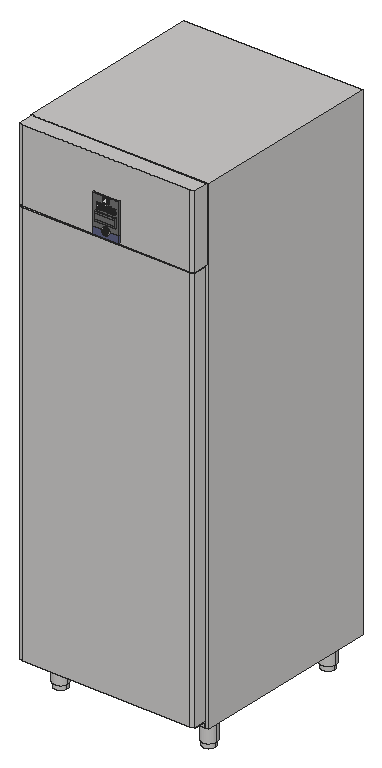
Revit family "QF_ELECTROLUXPROFESSIONAL_725243_REX71FRRCO2", category Specialty Equipment, Revit 2018
Family settings
  Round Connector Dimension = Use Diameter
  Part Type = Normal
  Work Plane-Based = No
  Always vertical = Yes
  Cut with Voids When Loaded = No
  Shared = No
  Room Calculation Point = No
Parameters (values of type "Standard")
  Weight = 100.00 kg
  Watts = 0 W
  Volts = 220 V
  URL Manufacturer = "http://professional.electrolux.com"
  URL = "http://professional.electrolux.com"
  Steam Supply Size = 0 mm
  Steam Supply Minimum Pressure = 0.0 Pa
  Steam Supply Maximum Pressure = 0.0 Pa
  Steam Pounds per Hour = 0
  Refrigeration Suction Line Size = 0.031 mm
  Refrigeration Liquid Line Size = 0.02 mm
  Refrigerant Compressor Remote = yes
  Manufacturer = "Electrolux Professional"
  Phase = 1
  Model = "REX71FRRCO2"
  Length Actual = 710 mm  # constant formula
  Item Number = "725243"
  Hot Water Size = 0 mm
  Height Actual = 2050 mm  # constant formula
  HP = "0.2 HP"
  Gas Size = 0 mm
  Gas KW = 0
  Gas Input Pressure = 0 W
  Direct Waste Size = 0 mm
  Description = "1-DOOR REFRIG 670L -2/+10°C, DIGITAL,REM, CO2 W/VALVE"
  Depth Actual = 835 mm  # constant formula
  Cycle = 60 Hz
  Condensate Return Size = 0 mm
  Compressed Air Volume = 0.0 L/s
  Compressed Air Size = 0 mm
  Compressed Air Pressure = 0.0 Pa
  Cold Water Size = 0 mm
  Accessory = yes
Reference planes
  plane 1 "Center (Front/Back)": y = 0
  plane 2: z = 0
  plane 3 "Center (Left/Right)": x = 0
  plane 4 "BASE": z = 110
  plane 5 "TOP": z = 2050
  plane 6 "FRONT": y = -417.5
  plane 7 "BACK": y = 417.5
  plane 8 "LEFT": x = -355
  plane 9 "RIGHT": x = 355
  plane 10 "RO_X": y = -166.5
  plane 11 "RO_Y": x = -245
  plane 12 "REMOTE_Z": z = 1802
  plane 13 "RI_Y": x = -205
  plane 14 "RI_X": y = -187.5
Forms (mm)
  Extrusion 1, solid, material "QF_Finishes_Stainless Steel"
    sketch origin (0, 0, 0) x (1, 0, 0) y (0, 1, 0)
      loop
        circle (-278, 344.5) r 25
      loop
        circle (278, 344.5) r 25
      loop
        circle (-295, -269.5) r 25
      loop
        circle (295, -269.5) r 25
    from 0 to 20
  Extrusion 2, solid, material "QF_Finishes_Stainless Steel"
    sketch origin (0, 0, 0) x (1, 0, 0) y (0, 1, 0)
      loop
        circle (-278, 344.5) r 30
      loop
        circle (278, 344.5) r 30
      loop
        circle (295, -269.5) r 30
      loop
        circle (-295, -269.5) r 30
    from 20 to 110
  Extrusion 3, solid, material "QF_Finishes_Stainless Steel"
    sketch origin (0, 0, 110) x (-1, 0, 0) y (0, -1, 0)
      loop
        line (355, -417.5) -> (355, 345.5) -> (-355, 345.5) -> (-355, -417.5) -> (355, -417.5)
    from 0 to 1940
  Extrusion 4, solid
    sketch origin (0, 417.5, 1660) x (-1, 0, 0) y (0, 0, 1)
      loop
        circle (339, 124) r 10
    from 0 to 3.2
  Extrusion 5, solid, material "QF_Door-Drawer Clearances", detail levels coarse
    sketch origin (0, 0, 110) x (-1, 0, 0) y (0, -1, 0)
      loop
        line (-345, 409.5) -> (-283, 409.5) -> (-283, 1006.5) -> (-301, 1006.5) -> (-301, 1024.5) -> (-323, 1024.5) -> (-323, 1062.5) -> (-345, 1062.5) -> (-345, 409.5)
    from 1642.965 to 28
  Extrusion 6, solid, material "QF_Door-Drawer Clearances", detail levels coarse
    sketch origin (0, 0, 110) x (-1, 0, 0) y (0, -1, 0)
      loop
        line (-283, 409.5) -> (347, 409.5)
        arc (347, 409.5) -> (150.684, 878.295) -> (-323, 1062.5) r 650
        line (-323, 1062.5) -> (-323, 1024.5) -> (-301, 1024.5) -> (-301, 1006.5) -> (-283, 1006.5) -> (-283, 409.5)
    from 1642.965 to 28
  Extrusion 7, solid, material "QF_Clearances", detail levels coarse
    sketch origin (0, 0, 110) x (-1, 0, 0) y (0, -1, 0)
      loop
        line (355, 417.5) -> (355, -417.5) -> (-355, -417.5) -> (-355, 417.5) -> (-375, 417.5) -> (-375, -447.5) -> (375, -447.5) -> (375, 417.5) -> (355, 417.5)
    from -110 to 1940
  Extrusion 8, solid, material "QF_Clearances", detail levels coarse
    sketch origin (0, 0, 2050) x (-1, 0, 0) y (0, -1, 0)
      loop
        line (375, -447.5) -> (375, 417.5) -> (-375, 417.5) -> (-375, -447.5) -> (375, -447.5)
    from 0 to 500
  Extrusion 9, void
    sketch origin (0, 417.5, 0) x (-1, 0, 0) y (0, 0, 1)
      loop
        line (280, 1724.965) -> (-280, 1724.965) -> (-280, 180) -> (0, 170) -> (280, 179.676) -> (280, 1724.965)
    from -56 to -763
  Extrusion 10, solid, material "QF_Finishes_Stainless Steel"
    sketch origin (0, 0, 2050) x (-1, 0, 0) y (0, -1, 0)
      loop
        circle (245, 166.5) r 4.75
    from -141.254 to -29
  Extrusion 11, solid, material "QF_Finishes_Stainless Steel"
    sketch origin (0, 0, 0) x (0, 1, 0) y (0, 0, 1)
      loop
        circle (-187.5, 1855) r 3
    from -90.986 to -205
Cuts and joins
  joined: Extrusion 7, Extrusion 8
  Extrusion 9 cuts Extrusion 3
Lines and regions (mm)
  symbolic lines, style "SpecialityEquipmentHiddenLines"
    curve 1: line (345, -409.5, 110) -> (345, -1062.5, 110)
    curve 2: line (345, -1062.5, 110) -> (323, -1062.5, 110)
    curve 3: line (283, -409.5, 110) -> (283, -1006.5, 110)
    curve 4: line (323, -1062.5, 110) -> (323, -1024.5, 110)
    curve 5: line (323, -1024.5, 110) -> (301, -1024.5, 110)
    curve 6: line (301, -1024.5, 110) -> (301, -1006.5, 110)
    curve 7: line (301, -1006.5, 110) -> (283, -1006.5, 110)
    curve 8: arc (-347, -409.5, 110) -> (-150.684, -878.295, 110) -> (323, -1062.5, 110) r 650
  symbolic lines, style "QF_Clearances", detail levels coarse
    curve 9: line (-355, -417.5, 2050) -> (-375, -417.5, 2050)
    curve 10: line (-375, -417.5, 2050) -> (-375, 447.5, 2050)
    curve 11: line (-375, 447.5, 2050) -> (375, 447.5, 2050)
    curve 12: line (375, 447.5, 2050) -> (375, -417.5, 2050)
    curve 13: line (375, -417.5, 2050) -> (355, -417.5, 2050)
  symbolic lines, style "SpecialityEquipment"
    curve 14: line (355, 417.5, 2050) -> (-355, 417.5, 2050)
    curve 15: line (355, -345.5, 2050) -> (355, 417.5, 2050)
    curve 16: line (-355, -345.5, 2050) -> (355, -345.5, 2050)
    curve 17: line (-355, 417.5, 2050) -> (-355, -345.5, 2050)
Dimensions and locks
  equal spacing: plane 7 "BACK", plane 1 "Center (Front/Back)", plane 6 "FRONT"
  equal spacing: plane 8 "LEFT", plane 3 "Center (Left/Right)", plane 9 "RIGHT"
  plane 8 "LEFT" to plane 9 "RIGHT" = 710 mm
  plane 7 "BACK" to plane 6 "FRONT" = 835 mm
  plane 5 "TOP" to plane 2 = 2050 mm
  plane 7 "BACK" to plane 10 "RO_X" = 584 mm
  plane 8 "LEFT" to plane 11 "RO_Y" = 110 mm
  Extrusion 10 to plane 12 "REMOTE_Z" = 219 mm
  plane 14 "RI_X" to plane 7 "BACK" = 605 mm
  aligned and locked: level to plane 2
Automatic sketch dimensions
  Extrusion 3 sketch curve to plane 7 "BACK" = 0 mm
  Extrusion 3 sketch curve to plane 9 "RIGHT" = 0 mm
  Extrusion 3 sketch curve to plane 8 "LEFT" = 0 mm
  plane 8 "LEFT" to Extrusion 4 sketch curve = 16 mm
  plane 4 "BASE" to Extrusion 4 sketch curve = 1674 mm
  plane 9 "RIGHT" to curve 1 = 10 mm
  curve 1 to curve 2 = 22 mm
  plane 6 "FRONT" to curve 8 = 4.692 mm
  curve 7 to plane 6 "FRONT" = 589 mm
  curve 6 to curve 5 = 18 mm
  curve 4 to curve 2 = 38 mm
  plane 6 "FRONT" to curve 8 = 8 mm
  plane 6 "FRONT" to curve 1 = 8 mm
  plane 6 "FRONT" to curve 3 = 8 mm
  plane 9 "RIGHT" to Extrusion 5 sketch curve = 10 mm
  Extrusion 5 sketch curve to plane 6 "FRONT" = 589 mm
  Extrusion 5 sketch curve to Extrusion 5 sketch curve = 18 mm
  Extrusion 5 sketch curve to Extrusion 5 sketch curve = 38 mm
  plane 6 "FRONT" to Extrusion 5 sketch curve = 8 mm
  plane 6 "FRONT" to Extrusion 6 sketch curve = 4.692 mm
  Extrusion 6 sketch curve to Extrusion 6 sketch curve = 18 mm  (x2)
  Extrusion 6 sketch curve to Extrusion 6 sketch curve = 38 mm
  plane 8 "LEFT" to Extrusion 6 sketch curve = 8 mm
  plane 6 "FRONT" to Extrusion 6 sketch curve = 8 mm
  Extrusion 7 sketch curve to plane 6 "FRONT" = 0 mm  (x2)
  Extrusion 7 sketch curve to plane 7 "BACK" = 0 mm
  Extrusion 7 sketch curve to plane 9 "RIGHT" = 0 mm
  Extrusion 7 sketch curve to plane 8 "LEFT" = 0 mm
  Extrusion 7 sketch curve to plane 9 "RIGHT" = 20 mm
  Extrusion 7 sketch curve to plane 8 "LEFT" = 20 mm
  plane 7 "BACK" to Extrusion 7 sketch curve = 30 mm
  Extrusion 8 sketch curve to plane 6 "FRONT" = 0 mm
  Extrusion 8 sketch curve to plane 9 "RIGHT" = 20 mm
  Extrusion 8 sketch curve to plane 8 "LEFT" = 20 mm
  plane 7 "BACK" to Extrusion 8 sketch curve = 30 mm
  plane 8 "LEFT" to Extrusion 1 sketch curve = 60 mm
  plane 8 "LEFT" to Extrusion 1 sketch curve = 77 mm
  plane 9 "RIGHT" to Extrusion 1 sketch curve = 77 mm
  plane 9 "RIGHT" to Extrusion 1 sketch curve = 60 mm
  plane 6 "FRONT" to Extrusion 1 sketch curve = 148 mm  (x2)
  Extrusion 1 sketch curve to plane 7 "BACK" = 73 mm  (x2)
  plane 8 "LEFT" to Extrusion 2 sketch curve = 60 mm
  plane 8 "LEFT" to Extrusion 2 sketch curve = 77 mm
  plane 9 "RIGHT" to Extrusion 2 sketch curve = 77 mm
  plane 9 "RIGHT" to Extrusion 2 sketch curve = 60 mm
  plane 6 "FRONT" to Extrusion 2 sketch curve = 148 mm  (x2)
  Extrusion 2 sketch curve to plane 7 "BACK" = 73 mm  (x2)
  plane 6 "FRONT" to Extrusion 3 sketch curve = 72 mm
  curve 1 to curve 8 = 42.008 mm
  curve 4 to curve 5 = 22 mm
  curve 6 to curve 3 = 18 mm
  plane 9 "RIGHT" to Extrusion 5 sketch curve = 32 mm
  Extrusion 5 sketch curve to Extrusion 5 sketch curve = 22 mm
  Extrusion 5 sketch curve to Extrusion 5 sketch curve = 62 mm
  plane 9 "RIGHT" to Extrusion 6 sketch curve = 72 mm
  Extrusion 6 sketch curve to Extrusion 6 sketch curve = 19.992 mm
  Extrusion 6 sketch curve to Extrusion 6 sketch curve = 22 mm
  Extrusion 9 sketch curve to plane 3 "Center (Left/Right)" = 0 mm
  plane 8 "LEFT" to Extrusion 9 sketch curve = 75 mm
  plane 4 "BASE" to Extrusion 9 sketch curve = 60 mm
  plane 4 "BASE" to Extrusion 9 sketch curve = 69.676 mm
  Extrusion 9 sketch curve to plane 5 "TOP" = 325.035 mm
  plane 9 "RIGHT" to Extrusion 9 sketch curve = 75 mm
  Extrusion 9 sketch curve to Extrusion 9 sketch curve = 0.324 mm
  Extrusion 10 sketch curve to plane 10 "RO_X" = 0 mm
  Extrusion 10 sketch curve to plane 11 "RO_Y" = 0 mm
  Extrusion 11 sketch curve to plane 10 "RO_X" = 21 mm
  Extrusion 11 sketch curve to plane 12 "REMOTE_Z" = 53 mm
  curve 12 to plane 6 "FRONT" = 0 mm
  curve 15 to plane 7 "BACK" = 0 mm
  curve 15 to plane 9 "RIGHT" = 0 mm
  curve 13 to plane 9 "RIGHT" = 0 mm
  curve 17 to plane 8 "LEFT" = 0 mm
  curve 9 to plane 6 "FRONT" = 0 mm
  curve 9 to plane 8 "LEFT" = 0 mm
  curve 12 to plane 9 "RIGHT" = 20 mm
  curve 9 to curve 10 = 20 mm
  plane 7 "BACK" to curve 12 = 30 mm
  plane 6 "FRONT" to curve 15 = 72 mm
  radius of Extrusion 1 sketch curve = 25 mm  (x4)
  radius of Extrusion 2 sketch curve = 30 mm  (x4)
  radius of Extrusion 4 sketch curve = 10 mm
  radius of Extrusion 10 sketch curve = 4.75 mm
  radius of Extrusion 11 sketch curve = 3 mm
Nested families
  nested 1: "QF_725243_Door" at (0, -345.5, 968.365) x (1, 0, 0) z (0, -1, 0), type "QF_725243_Door"
    with Show Clearance yes
  nested 2: "Refrigerator" at (355, -417.5, 2050), type "Refrigerator"
Connectors
  electrical at (-339, 420.7, 1784), driven by "Volts"
    settings: on Extrusion 4, index 2, voltage 220 V, apparent load 0 VA, apparent load phase1 0 VA, apparent load phase2 0 VA, apparent load phase3 0 VA, power factor 1, load classification "Other", number of poles 1, system type 30, power factor state 1, is connector primary yes, connector utility no, sub classification motor no, connector description "Electrical Connection"
  piping at (-245, -166.5, 2021), diameter 9.5
    settings: on Extrusion 10, index 3, connector inside diameter 609.6 mm, connector length 0 mm, flow factor 0, pipe flow 0.0 L/s, pressure drop 0.0 Pa, fitting loss kfactor 0, connector angle 0.00°, fixture units 0, engagement length 0 mm, angle of deflection 0.00°, flow configuration 1, flow direction 2, fitting loss method 0, system type 8, joint type 0, gender type 0, connector reference index -1, connector utility 0, adjustable connector no, is connector primary yes, connector description "Refrigerant Outlet"
  piping at (-205, -187.5, 1855), diameter 6
    settings: on Extrusion 11, index 4, connector inside diameter 609.6 mm, connector length 0 mm, flow factor 0, pipe flow 0.0 L/s, pressure drop 0.0 Pa, fitting loss kfactor 0, connector angle 0.00°, fixture units 0, engagement length 0 mm, angle of deflection 0.00°, flow configuration 1, flow direction 1, fitting loss method 0, system type 7, joint type 0, gender type 0, connector reference index -1, connector utility 0, adjustable connector no, is connector primary no, connector description "Refrigerant Inlet"
Definition of nested family "QF_725243_Door"
  Parameters
    Show Clearance [instance] = yes
    Model = "725226"
    Default Elevation = 0 mm
  Reference planes
    plane 1 "Center (Front/Back)": y = 0
    plane 2: z = 0
    plane 3 "Center (Left/Right)": x = 0
  Forms (mm)
    Extrusion 1, solid
      sketch origin (0, -919.2, 0) x (1, 0, 0) y (0, 1, 0)
        loop
          line (-460, 2119.2) -> (-460, -162.846) -> (488.967, -162.846) -> (488.967, 2119.2) -> (-460, 2119.2)
      from 0 to -59.546
    Extrusion 2, solid
      sketch origin (0, 0, 0) x (1, 0, 0) y (0, 0, 1)
        loop
          line (-347, 60) -> (-347, 0) -> (347, 0) -> (347, 60) -> (332, 64) -> (-332, 64) -> (-347, 60)
      from -1081.6 to -791.6
    Extrusion 3, solid
      sketch origin (0, 0, 0) x (1, 0, 0) y (0, 0, 1)
        loop
          line (-347, 60) -> (-347, 26) -> (-325, 26) -> (-325, 8) -> (-307, 8) -> (-307, 0) -> (339, 0) -> (339, 8) -> (347, 8) -> (347, 60) -> (332, 64) -> (-332, 64) -> (-347, 60)
      from -784.6 to 830.4
    Extrusion 4, solid
      sketch origin (119, -516.365, 0) x (0, 1, 0) y (0, 0, 1)
        loop
          line (-323.003, 40.312) -> (-316.501, 40.312) -> (-316.501, 42.812) -> (-325.503, 42.812) -> (-325.503, 2.5) -> (-342, 2.5) -> (-342, 0) -> (-323.003, 0) -> (-323.003, 12.259) -> (-323.003, 40.312)
        loop
          line (-314, 38.311) -> (-316.501, 38.311) -> (-316.501, 14.304) -> (-319.752, 14.304) -> (-319.752, 11.804) -> (-314, 11.804) -> (-314, 38.311)
      from 185 to 220
    Extrusion 5, solid
      sketch origin (119, 469.597, 0) x (0, 1, 0) y (0, 0, 1)
        loop
          line (315.003, 27.948) -> (315.003, 2.948) -> (315.003, 0) -> (322.003, 0) -> (322.003, 2.5) -> (317.503, 2.5) -> (317.503, 27.948) -> (315.003, 27.948)
      from 185 to 220
  Lines and regions (mm)
    symbolic lines
      curve 1: line (-332, 0, 64) -> (332, 0, 64)
      curve 2: line (-347, 0, 0) -> (-347, 0, 60)
      curve 3: line (347, 0, 0) -> (-347, 0, 0)
      curve 4: line (347, 0, 60) -> (347, 0, 0)
      curve 5: line (-347, 0, 26) -> (-325, 0, 26)
      curve 6: line (-325, 0, 26) -> (-325, 0, 8)
      curve 7: line (-325, 0, 8) -> (-307, 0, 8)
      curve 8: line (-307, 0, 8) -> (-307, 0, 0)
      curve 9: line (339, 0, 8) -> (347, 0, 8)
      curve 10: line (339, 0, 8) -> (339, 0, 0)
      curve 11: line (-332, 0, 64) -> (-347, 0, 60)
      curve 12: line (332, 0, 64) -> (347, 0, 60)
  Dimensions and locks
    aligned and locked: plane 2 to Extrusion 1
    aligned and locked: level to Extrusion 1
  Nested families
    nested 1: "QF_DisplayStandardCabinets" at (0, 863.6, 64), type "QF_DisplayStandardCabinets"
      with Show Clearance yes
  Definition of nested family "QF_DisplayStandardCabinets"
    Parameters
      Show Clearance [instance] = yes
      Model = "728658"
      Default Elevation = 1219.2 mm
    Reference planes
      plane 1 "Center (Front/Back)": y = 0
      plane 2: z = 0
      plane 3 "Center (Left/Right)": x = 0
    Forms (mm)
      Extrusion 1, solid
        sketch origin (0, -919.2, 0) x (1, 0, 0) y (0, 1, 0)
          loop
            line (-198.75, 1146.2) -> (-198.75, 709.567) -> (165.741, 709.567) -> (165.741, 1146.2) -> (-198.75, 1146.2)
        from 0 to -59.546
      Extrusion 2, solid
        sketch origin (-59, -44.611, 0) x (0, 1, 0) y (-1, 0, 0)
          loop
            circle (0.611, -59) r 14
        from 4 to 7
      Extrusion 3, solid
        sketch origin (744.635, 320.889, 0) x (0, 1, 0) y (-1, 0, 0)
          loop
            circle (-364.889, 744.635) r 10
          loop
            circle (-364.889, 744.635) r 9
        from 4 to 8
      Extrusion 4, solid
        sketch origin (744.635, 320.889, 0) x (0, 1, 0) y (-1, 0, 0)
          loop
            circle (-364.889, 744.635) r 8.7
        from 4 to 8
      Extrusion 5, void
        sketch origin (744.635, 320.889, 0) x (0, 1, 0) y (-1, 0, 0)
          loop
            line (-372.339, 745.885) -> (-372.339, 743.385) -> (-362.339, 743.385) -> (-362.339, 745.885) -> (-372.339, 745.885)
        from 8.592 to 6.269
      Extrusion 6, solid
        sketch origin (744.635, 320.889, 0) x (0, 1, 0) y (-1, 0, 0)
          loop
            line (-372.339, 745.885) -> (-372.339, 743.385) -> (-362.339, 743.385) -> (-362.339, 745.885) -> (-372.339, 745.885)
        from 6 to 8
      Extrusion 7, solid
        sketch origin (0, 0, 0) x (1, 0, 0) y (0, 1, 0)
          loop
            line (-51.473, 80) -> (-51.473, -44) -> (-14, -44)
            arc (-14, -44) -> (0, -30) -> (14, -44) r 14
            line (14, -44) -> (50.954, -44) -> (50.954, 80) -> (-51.473, 80)
        from 0 to 4
      Extrusion 8, solid
        sketch origin (0, -30, 0) x (0, 1, 0) y (0, 0, 1)
          loop
            line (10.404, 4) -> (17.404, 4) -> (17.404, 8)
            arc (17.404, 8) -> (13.868, 7.749) -> (10.404, 7) r 25
            line (10.404, 7) -> (10.404, 4)
          loop
            arc (47.404, 7) -> (43.939, 7.749) -> (40.404, 8) r 25
            line (40.404, 8) -> (40.404, 4) -> (47.404, 4) -> (47.404, 7)
        from 40 to -40
      Extrusion 9, solid
        sketch origin (0, -30, 0) x (1, 0, 0) y (0, 1, 0)
          loop
            line (-40, 40.404) -> (-40, 17.404) -> (40, 17.404) -> (40, 40.404) -> (-40, 40.404)
        from 8 to 4
      Extrusion 10, solid
        sketch origin (46.005, 87.683, 0) x (1, 0, 0) y (0, 1, 0)
          loop
            line (-43.063, -13.359) -> (-43.063, -33.154)
            arc (-43.063, -33.154) -> (-35.746, -23.257) -> (-43.063, -13.359) r 10.352
          loop
            arc (-44.07, -13.359) -> (-52.302, -15.23) -> (-56.268, -22.683) r 10.145
            line (-56.268, -22.683) -> (-52.994, -22.683)
            arc (-52.994, -22.683) -> (-47.143, -20.308) -> (-44.07, -14.793) r 9.509
            line (-44.07, -14.793) -> (-44.07, -13.359)
          loop
            arc (-44.07, -31.721) -> (-47.143, -26.205) -> (-52.994, -23.831) r 9.509
            line (-52.994, -23.831) -> (-56.268, -23.831)
            arc (-56.268, -23.831) -> (-52.309, -31.345) -> (-44.07, -33.408) r 10.411
            line (-44.07, -33.408) -> (-44.07, -31.721)
          loop
            line (-57.02, -12.279) -> (-57.02, -34.279) -> (-34.99, -34.279) -> (-34.99, -12.279) -> (-57.02, -12.279)
        from 4 to 5.6
      Extrusion 11, solid
        sketch origin (-12.866, 61.032, 0) x (1, 0, 0) y (0, 1, 0)
          loop
            line (-15.272, -12.492) -> (-22.708, -12.492) -> (-22.708, -21.151)
            arc (-22.708, -21.151) -> (-21.729, -23.514) -> (-19.367, -24.492) r 3.341
            line (-19.367, -24.492) -> (-15.128, -24.492) -> (-15.128, -22.55) -> (-18.883, -22.55)
            arc (-18.883, -22.55) -> (-20.117, -22.133) -> (-20.642, -20.941) r 1.615
            line (-20.642, -20.941) -> (-20.642, -19.224) -> (-15.593, -19.224) -> (-15.593, -17.274) -> (-20.642, -17.274) -> (-20.642, -14.436) -> (-15.272, -14.436) -> (-15.272, -12.492)
          loop
            line (-13.66, -12.492) -> (-13.66, -24.492) -> (-11.593, -24.492) -> (-11.593, -12.492) -> (-13.66, -12.492)
          loop
            line (31.232, -12.492) -> (31.232, -24.492) -> (33.3, -24.492) -> (33.3, -12.492) -> (31.232, -12.492)
          loop
            line (-8.175, -20.66) -> (-1.392, -20.66)
            arc (-1.392, -20.66) -> (-2.453, -16.934) -> (-6.081, -15.575) r 4.298
            arc (-6.081, -15.575) -> (-9.277, -17.196) -> (-10.188, -20.66) r 4.373
            arc (-10.188, -20.66) -> (-8.988, -23.558) -> (-6.091, -24.758) r 4.097
            arc (-6.091, -24.758) -> (-3.837, -24.425) -> (-1.946, -23.152) r 5.15
            line (-1.946, -23.152) -> (-3.171, -21.928)
            arc (-3.171, -21.928) -> (-4.778, -22.892) -> (-6.645, -22.73) r 3.039
            arc (-6.645, -22.73) -> (-7.784, -21.972) -> (-8.175, -20.66) r 2.013
          loop
            line (-8.123, -19.207) -> (-3.469, -19.207)
            arc (-3.469, -19.207) -> (-4.122, -17.833) -> (-5.557, -17.326) r 1.983
            arc (-5.557, -17.326) -> (-7.213, -17.758) -> (-8.123, -19.207) r 2.321
          loop
            line (6.665, -18.342) -> (7.963, -17.044)
            arc (7.963, -17.044) -> (6.336, -15.866) -> (4.358, -15.514) r 4.497
            arc (4.358, -15.514) -> (1.341, -16.616) -> (-0.242, -19.411) r 4.652
            arc (-0.242, -19.411) -> (2.426, -24.31) -> (7.89, -23.18) r 4.684
            line (7.89, -23.18) -> (6.599, -21.89)
            arc (6.599, -21.89) -> (3.813, -22.811) -> (1.817, -20.66) r 2.714
            arc (1.817, -20.66) -> (1.956, -18.959) -> (3.127, -17.718) r 2.578
            arc (3.127, -17.718) -> (5.002, -17.432) -> (6.665, -18.342) r 2.961
          loop
            line (9.233, -12.492) -> (9.233, -20.693)
            arc (9.233, -20.693) -> (9.411, -21.923) -> (9.872, -23.078) r 5.301
            arc (9.872, -23.078) -> (11.347, -24.251) -> (13.216, -24.498) r 3.531
            line (13.216, -24.498) -> (13.216, -22.561)
            arc (13.216, -22.561) -> (12.66, -22.519) -> (12.142, -22.313) r 1.862
            arc (12.142, -22.313) -> (11.478, -21.611) -> (11.3, -20.66) r 1.713
            line (11.3, -20.66) -> (11.3, -17.691) -> (13.177, -17.691) -> (13.177, -15.813) -> (11.3, -15.813) -> (11.3, -12.492) -> (9.233, -12.492)
          loop
            arc (16.966, -19.93) -> (17.114, -19.065) -> (17.54, -18.298) r 2.607
            arc (17.54, -18.298) -> (18.779, -17.662) -> (20.17, -17.691) r 2.84
            line (20.17, -17.691) -> (20.17, -15.704)
            arc (20.17, -15.704) -> (18.352, -15.876) -> (16.966, -17.064) r 3.016
            line (16.966, -17.064) -> (16.966, -15.813) -> (14.916, -15.813) -> (14.916, -24.492) -> (16.966, -24.492) -> (16.966, -19.93)
          loop
            circle (25.224, -20.154) r 4.599
          loop
            circle (25.224, -20.154) r 2.787
          loop
            arc (40.755, -20.878) -> (40.245, -22.281) -> (38.861, -22.84) r 1.835
            arc (38.861, -22.84) -> (37.476, -22.281) -> (36.966, -20.878) r 1.835
            line (36.966, -20.878) -> (36.966, -15.813) -> (34.881, -15.813) -> (34.881, -21.05)
            arc (34.881, -21.05) -> (36.067, -23.754) -> (38.861, -24.712) r 3.675
            arc (38.861, -24.712) -> (41.685, -23.725) -> (42.839, -20.965) r 3.675
            line (42.839, -20.965) -> (42.839, -15.813) -> (40.755, -15.813) -> (40.755, -20.878)
          loop
            line (44.088, -15.813) -> (47.09, -19.889) -> (43.792, -24.495) -> (46.014, -24.495) -> (48.203, -21.438) -> (50.424, -24.495) -> (52.632, -24.495) -> (49.381, -19.842) -> (52.354, -15.813) -> (50.097, -15.813) -> (48.196, -18.39) -> (46.324, -15.813) -> (44.088, -15.813)
          loop
            line (-21.545, -29.467) -> (-23.194, -29.467) -> (-23.194, -33.617) -> (-22.292, -33.617) -> (-22.292, -32.188) -> (-21.295, -32.188)
            arc (-21.295, -32.188) -> (-20.179, -30.713) -> (-21.545, -29.467) r 1.372
          loop
            arc (-21.334, -31.373) -> (-20.993, -30.839) -> (-21.334, -30.306) r 0.587
            line (-21.334, -30.306) -> (-22.292, -30.306) -> (-22.292, -31.373) -> (-21.334, -31.373)
          loop
            line (-15.033, -29.467) -> (-16.71, -29.467) -> (-16.71, -33.617) -> (-15.808, -33.617) -> (-15.808, -32.188) -> (-14.935, -32.188) -> (-14.339, -33.617) -> (-13.37, -33.617) -> (-14.186, -31.867)
            arc (-14.186, -31.867) -> (-13.795, -31.4) -> (-13.664, -30.805) r 1.281
            arc (-13.664, -30.805) -> (-14.076, -29.857) -> (-15.033, -29.467) r 1.37
          loop
            line (-15.808, -30.306) -> (-15.808, -31.373) -> (-14.85, -31.373)
            arc (-14.85, -31.373) -> (-14.509, -30.839) -> (-14.85, -30.306) r 0.587
            line (-14.85, -30.306) -> (-15.808, -30.306)
          loop
            circle (-8.072, -31.542) r 2.156
          loop
            circle (-8.072, -31.542) r 1.368
          loop
            line (-2.373, -29.467) -> (-2.373, -33.617) -> (-1.493, -33.617) -> (-1.493, -32.167) -> (0.069, -32.167) -> (0.069, -31.237) -> (-1.493, -31.237) -> (-1.493, -30.361) -> (0.219, -30.361) -> (0.219, -29.467) -> (-2.373, -29.467)
          loop
            line (3.719, -29.467) -> (3.719, -32.269)
            arc (3.719, -32.269) -> (4.101, -33.219) -> (5.046, -33.614) r 1.327
            line (5.046, -33.614) -> (6.385, -33.614) -> (6.385, -32.83) -> (5.126, -32.83)
            arc (5.126, -32.83) -> (4.662, -32.447) -> (4.571, -31.852) r 0.845
            line (4.571, -31.852) -> (6.23, -31.852) -> (6.23, -31.068) -> (4.571, -31.068) -> (4.571, -30.251) -> (6.345, -30.251) -> (6.345, -29.467) -> (3.719, -29.467)
          loop
            arc (18.747, -29.993) -> (18.197, -29.542) -> (17.501, -29.398) r 1.485
            arc (17.501, -29.398) -> (16.858, -29.556) -> (16.329, -29.955) r 1.645
            arc (16.329, -29.955) -> (16.232, -30.897) -> (16.84, -31.624) r 1.217
            arc (16.84, -31.624) -> (17.351, -31.794) -> (17.836, -32.029) r 4.201
            arc (17.836, -32.029) -> (18.142, -32.39) -> (17.931, -32.814) r 0.43
            arc (17.931, -32.814) -> (17.539, -32.906) -> (17.149, -32.807) r 0.846
            arc (17.149, -32.807) -> (16.811, -32.564) -> (16.605, -32.203) r 0.983
            line (16.605, -32.203) -> (15.879, -32.542)
            arc (15.879, -32.542) -> (16.14, -33.046) -> (16.562, -33.427) r 1.595
            arc (16.562, -33.427) -> (17.04, -33.631) -> (17.557, -33.683) r 1.719
            arc (17.557, -33.683) -> (18.196, -33.556) -> (18.772, -33.25) r 2.246
            arc (18.772, -33.25) -> (19.027, -32.573) -> (18.896, -31.863) r 1.349
            arc (18.896, -31.863) -> (18.612, -31.535) -> (18.249, -31.298) r 1.564
            arc (18.249, -31.298) -> (17.79, -31.093) -> (17.32, -30.917) r 8.236
            arc (17.32, -30.917) -> (17.048, -30.494) -> (17.441, -30.181) r 0.375
            arc (17.441, -30.181) -> (17.911, -30.294) -> (18.273, -30.616) r 0.998
            line (18.273, -30.616) -> (18.747, -29.993)
          loop
            line (22.554, -29.467) -> (22.554, -33.614) -> (23.407, -33.614) -> (23.407, -29.467) -> (22.554, -29.467)
          loop
            circle (29.157, -31.541) r 1.29
          loop
            circle (29.157, -31.541) r 2.154
          loop
            line (34.878, -33.614) -> (35.739, -33.614) -> (35.739, -31.007) -> (37.636, -33.614) -> (38.465, -33.614) -> (38.465, -29.467) -> (37.604, -29.467) -> (37.604, -32.154) -> (35.707, -29.467) -> (34.878, -29.467) -> (34.878, -33.614)
          loop
            line (42.765, -33.614) -> (43.169, -32.72) -> (44.703, -32.72) -> (45.106, -33.614) -> (46.023, -33.614) -> (44.271, -29.467) -> (43.471, -29.467) -> (41.849, -33.614) -> (42.765, -33.614)
          loop
            line (44.32, -31.869) -> (43.909, -30.958) -> (43.51, -31.869) -> (44.32, -31.869)
          loop
            line (50.258, -32.83) -> (50.258, -29.467) -> (49.406, -29.467) -> (49.406, -33.614) -> (51.853, -33.614) -> (51.853, -32.83) -> (50.258, -32.83)
          loop
            arc (12.529, -29.993) -> (11.98, -29.542) -> (11.284, -29.398) r 1.485
            arc (11.284, -29.398) -> (10.641, -29.556) -> (10.112, -29.955) r 1.645
            arc (10.112, -29.955) -> (10.014, -30.897) -> (10.622, -31.624) r 1.217
            arc (10.622, -31.624) -> (11.133, -31.794) -> (11.618, -32.029) r 4.201
            arc (11.618, -32.029) -> (11.925, -32.39) -> (11.714, -32.814) r 0.43
            arc (11.714, -32.814) -> (11.322, -32.906) -> (10.931, -32.807) r 0.846
            arc (10.931, -32.807) -> (10.594, -32.564) -> (10.387, -32.203) r 0.983
            line (10.387, -32.203) -> (9.662, -32.542)
            arc (9.662, -32.542) -> (9.923, -33.046) -> (10.345, -33.427) r 1.595
            arc (10.345, -33.427) -> (10.823, -33.631) -> (11.34, -33.683) r 1.719
            arc (11.34, -33.683) -> (11.979, -33.556) -> (12.555, -33.25) r 2.246
            arc (12.555, -33.25) -> (12.809, -32.573) -> (12.678, -31.863) r 1.349
            arc (12.678, -31.863) -> (12.394, -31.535) -> (12.031, -31.298) r 1.564
            arc (12.031, -31.298) -> (11.573, -31.093) -> (11.102, -30.917) r 8.236
            arc (11.102, -30.917) -> (10.83, -30.494) -> (11.223, -30.181) r 0.375
            arc (11.223, -30.181) -> (11.694, -30.294) -> (12.056, -30.616) r 0.998
            line (12.056, -30.616) -> (12.529, -29.993)
        from 4 to 5.6
      Extrusion 12, solid
        sketch origin (0, 0, 0) x (1, 0, 0) y (0, 1, 0)
          loop
            line (-51.473, -44) -> (-51.473, -70) -> (50.954, -70) -> (50.954, -44) -> (14, -44)
            arc (14, -44) -> (0, -58) -> (-14, -44) r 14
            line (-14, -44) -> (-51.473, -44)
        from 0 to 4
    Cuts and joins
      Extrusion 5 cuts Extrusion 4
      joined: Extrusion 8, Extrusion 9
    Lines and regions (mm)
      Split face 1
        outline origin (-41, 10.404, 8) x (-1, 0, 0) y (0, -1, 0)
          loop
            line (-72.157, 0.05) -> (-72.157, 10.5) -> (-78.157, 10.5) -> (-78.157, 0.05) -> (-72.157, 0.05)
      Split face 2
        outline origin (-50, 10.404, 8) x (-1, 0, 0) y (0, -1, 0)
          loop
            line (-72.157, 0.05) -> (-72.157, 10.5) -> (-78.157, 10.5) -> (-78.157, 0.05) -> (-72.157, 0.05)
      Split face 3
        outline origin (-50, 10.404, 8) x (-1, 0, 0) y (0, -1, 0)
          loop
            line (-72.157, 12.45) -> (-72.157, 22.9) -> (-78.157, 22.9) -> (-78.157, 12.45) -> (-72.157, 12.45)
      Split face 4
        outline origin (-50, 10.404, 8) x (-1, 0, 0) y (0, -1, 0)
          loop
            line (-81.157, 12.45) -> (-81.157, 22.9) -> (-87.157, 22.9) -> (-87.157, 12.45) -> (-81.157, 12.45)
      Split face 5
        outline origin (-50, 10.404, 8) x (-1, 0, 0) y (0, -1, 0)
          loop
            line (-13, 0.1) -> (-13, 22.9) -> (-69, 22.9) -> (-69, 0.1) -> (-13, 0.1)
      symbolic lines
        curve 1: line (52.518, 0, 4) -> (-53.037, 0, 4)
        curve 2: line (40, 0, 4) -> (40, 0, 8)
        curve 3: line (40, 0, 8) -> (-40, 0, 8)
        curve 4: line (-40, 0, 8) -> (-40, 0, 4)
        curve 5: line (-64.765, 0, 0) -> (-53.037, 0, 4)
        curve 6: line (52.518, 0, 4) -> (64.135, 0, 0)
    Dimensions and locks
      aligned and locked: plane 2 to Extrusion 1
      aligned and locked: level to Extrusion 1
Definition of nested family "Refrigerator"
  Reference planes
    plane 1 "Center (Front/Back)": y = 0
    plane 2: z = 0
    plane 3 "Center (Left/Right)": x = 0
  Lines and regions (mm)
    detail lines, in view "Ref. Level"
      curve 1: spline (-500, 190, 0) -> (-493.185, 166.706, 0) -> (-473.205, 145, 0) -> (-441.421, 126.36, 0) -> (-400, 112.058, 0) -> (-351.764, 103.067, 0) -> (-300, 100, 0) -> (-248.236, 103.067, 0) -> (-200, 112.058, 0) -> (-158.579, 126.36, 0) -> (-126.795, 145, 0) -> (-106.815, 166.706, 0) -> (-100, 190, 0) -> (-106.815, 213.294, 0) -> (-126.795, 235, 0) -> (-158.579, 253.64, 0) -> (-200, 267.942, 0) -> (-248.236, 276.933, 0) -> (-300, 280, 0) -> (-351.764, 276.933, 0) -> (-400, 267.942, 0) -> (-441.421, 253.64, 0) -> (-473.205, 235, 0) -> (-493.185, 213.294, 0) -> (-500, 190, 0)
      curve 2: line (-300, 130, 0) -> (-300, 250, 0)
      curve 3: line (-351.962, 220, 0) -> (-248.038, 160, 0)
      curve 4: line (-351.962, 160, 0) -> (-248.038, 220, 0)
      curve 5: line (-280.884, 246.873, 0) -> (-300, 225, 0)
      curve 6: line (-300, 225, 0) -> (-319.116, 246.873, 0)
      curve 7: line (-330.311, 207.5, 0) -> (-339.696, 234.992, 0)
      curve 8: line (-358.812, 201.882, 0) -> (-330.311, 207.5, 0)
      curve 9: line (-330.311, 172.5, 0) -> (-358.812, 178.118, 0)
      curve 10: line (-339.696, 145.008, 0) -> (-330.311, 172.5, 0)
      curve 11: line (-300, 155, 0) -> (-319.116, 133.127, 0)
      curve 12: line (-280.884, 133.127, 0) -> (-300, 155, 0)
      curve 13: line (-269.689, 172.5, 0) -> (-260.304, 145.008, 0)
      curve 14: line (-241.188, 178.118, 0) -> (-269.689, 172.5, 0)
      curve 15: line (-269.689, 207.5, 0) -> (-241.188, 201.882, 0)
      curve 16: line (-260.304, 234.992, 0) -> (-269.689, 207.5, 0)
